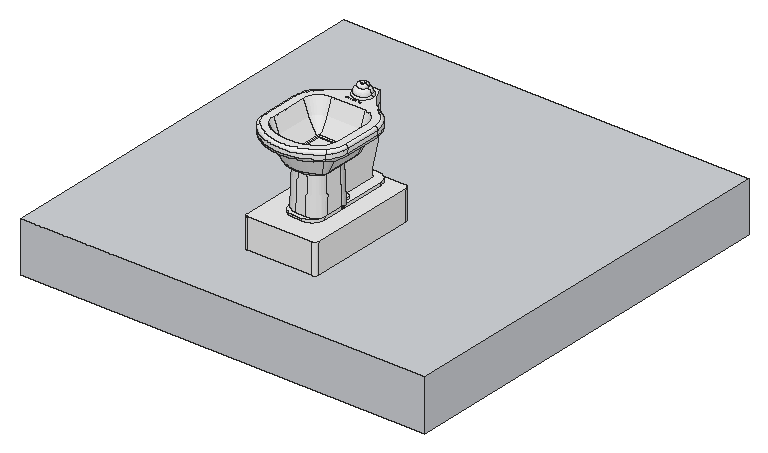
Revit family
Parameters (values of type "9504.999")
  Waste Connection = yes
  Vent Connection = no
  URL = "http://www.americanstandard-us.com/assets/documents/amstd/spec/SpecSheet_4954.pdf"
  Revised Date = "12/12/2011"
  Product URL = "http://www.americanstandard-us.com/products/productDetail.aspx?id=4954"
  Phone # = "416-250-5656"
  Model = "9504.999"
  Material = Chrome Plated
  Manufacturer = "American Standard"
  HW Connection = no
  Designed By = "ATS BIM Team"
  Description = "'CLINIC SERVICE SINK', 28\" x 20\" (711mmx 508mm) vitreous china, mounted on floor base, flushing rim, syphon jet action, 1-1/2\" (38mm) top spud with S.S. bolt cover plates, 4\" (102mm) floor outlet. "
  Default Elevation = 0' - 0"
  CW Connection = yes
  Assembly Code = "D2010"
Reference planes (in)
  plane 1 "Center (Front/Back)": y = 0
  plane 2: z = 0
  plane 3 "Center (Left/Right)": x = 0
  plane 4: z = 7
  plane 5: z = 7.5
  plane 6: z = 25
  plane 7: x = 10
  plane 8: x = -4.25
  plane 9: x = 4.25
  plane 10: z = 7.5
  plane 11: y = -31
  plane 12: y = -8.3107
  plane 13: y = -3.25
  plane 14: x = 0.65979
Forms (in)
  Extrusion 1, solid
    sketch origin (0, 0, 0) x (1, 0, 0) y (0, 1, 0)
      loop
        line (-48, 48) -> (-48, -48) -> (48, -48) -> (48, 48) -> (-48, 48)
    from 0 to -12
  Extrusion 2, solid, material "Chrome Plated" <- "Material"
    sketch origin (0, -1.38067, 0) x (1, 0, 0) y (0, 1, 0)
      loop
        arc (-7.5, -1.86933) -> (-8.20711, -2.16222) -> (-8.5, -2.86933) r 1
        line (-8.5, -2.86933) -> (-8.5, -28.61933)
        arc (-8.5, -28.61933) -> (-8.20711, -29.32643) -> (-7.5, -29.61933) r 1
        line (-7.5, -29.61933) -> (7.5, -29.61933)
        arc (7.5, -29.61933) -> (8.20711, -29.32643) -> (8.5, -28.61933) r 1
        line (8.5, -28.61933) -> (8.5, -2.86933)
        arc (8.5, -2.86933) -> (8.20711, -2.16222) -> (7.5, -1.86933) r 1
        line (7.5, -1.86933) -> (-7.5, -1.86933)
    from 0 to 7
  Extrusion 3, solid, material "Chrome Plated" <- "Material"
    sketch origin (-1.5, -1.38067, 0) x (0, 1, 0) y (0, 0, 1)
      loop
        line (-1.86933, 22.66133) -> (-10.84032, 22.66133)
        arc (-10.84032, 22.66133) -> (-13.40915, 18.51706) -> (-17.6223, 16.06282) r 10.08239
        line (-17.6223, 16.06282) -> (-17.6223, 7.5) -> (-3.8483, 7.5)
        arc (-3.8483, 7.5) -> (-4.27349, 8.34603) -> (-4.15636, 9.28563) r 1.62913
        arc (-4.15636, 9.28563) -> (-2.4474, 14.54525) -> (-1.86933, 20.04525) r 26.45354
        line (-1.86933, 20.04525) -> (-1.86933, 22.66133)
    from 0 to 3
  Sweep 4, solid, material "Chrome Plated" <- "Material"
    path origin (0, -3.84339, 25.91933) x (1, 0, 0) y (0, 1, 0)
      loop
        line (3.99305, -4.71184) -> (-3.99305, -4.71184)
        arc (-3.99305, -4.71184) -> (-8.23569, -6.4692) -> (-9.99305, -10.71184) r 6
        line (-9.99305, -10.71184) -> (-9.99305, -19.50263)
        arc (-9.99305, -19.50263) -> (-9.53633, -21.79873) -> (-8.23569, -23.74527) r 6
        arc (-8.23569, -23.74527) -> (0, -27.15661) -> (8.23569, -23.74527) r 11.64703
        arc (8.23569, -23.74527) -> (9.53633, -21.79873) -> (9.99305, -19.50263) r 6
        line (9.99305, -19.50263) -> (9.99305, -10.71184)
        arc (9.99305, -10.71184) -> (8.23569, -6.4692) -> (3.99305, -4.71184) r 6
    profile origin (-3.99305, -8.55523, 25.91933) x (0, -1, 0) y (0, 0, 1)
      loop
        arc (0.66227, -0.91933) -> (0.19397, -1.11331) -> (0, -1.58161) r 0.66227
        line (0, -1.58161) -> (0, -2.59573)
        arc (0, -2.59573) -> (0.19397, -3.06403) -> (0.66227, -3.258) r 0.66227
        line (0.66227, -3.258) -> (2.06895, -3.258)
        arc (2.06895, -3.258) -> (3.19572, -5.80192) -> (4.57754, -8.21682) r 27.08285
        arc (4.57754, -8.21682) -> (5.15394, -8.73063) -> (5.91294, -8.87254) r 1.43907
        line (5.91294, -8.87254) -> (5.91294, -7.8701)
        arc (5.91294, -7.8701) -> (5.64621, -7.84029) -> (5.42583, -7.68711) r 0.5466
        arc (5.42583, -7.68711) -> (3.63748, -4.41402) -> (2.33427, -0.91933) r 26.08285
        line (2.33427, -0.91933) -> (0.66227, -0.91933)
  Blend 5, solid, material "Chrome Plated" <- "Material"
    base sketch origin (0, -1.00567, 0) x (1, 0, 0) y (0, 1, 0)
      loop
        line (-1.08011, -23.78028) -> (1.08011, -23.78028)
        arc (1.08011, -23.78028) -> (3.20143, -22.9016) -> (4.08011, -20.78028) r 3
        line (4.08011, -20.78028) -> (4.08011, -16.5875)
        arc (4.08011, -16.5875) -> (3.20143, -14.46618) -> (1.08011, -13.5875) r 3
        line (1.08011, -13.5875) -> (-1.08011, -13.5875)
        arc (-1.08011, -13.5875) -> (-3.20143, -14.46618) -> (-4.08011, -16.5875) r 3
        line (-4.08011, -16.5875) -> (-4.08011, -20.78028)
        arc (-4.08011, -20.78028) -> (-3.20143, -22.9016) -> (-1.08011, -23.78028) r 3
    top sketch origin (0, -1.00567, 0) x (1, 0, 0) y (0, 1, 0)
      loop
        line (-3.70511, -16.5875) -> (-3.70511, -20.83042)
        arc (-3.70511, -20.83042) -> (-2.93626, -22.68657) -> (-1.08011, -23.45542) r 2.625
        line (-1.08011, -23.45542) -> (1.08011, -23.45542)
        arc (1.08011, -23.45542) -> (2.93626, -22.68657) -> (3.70511, -20.83042) r 2.625
        line (3.70511, -20.83042) -> (3.70511, -16.5875)
        arc (3.70511, -16.5875) -> (2.93626, -14.73135) -> (1.08011, -13.9625) r 2.625
        line (1.08011, -13.9625) -> (-1.08011, -13.9625)
        arc (-1.08011, -13.9625) -> (-2.93626, -14.73135) -> (-3.70511, -16.5875) r 2.625
    from 7 to 17.04679
  Extrusion 6, solid, material "Chrome Plated" <- "Material"
    sketch origin (0, -1.38067, 17.04923) x (1, 0, 0) y (0, 1, 0)
      loop
        arc (-3.99305, -13.0875) -> (-4.05461, -13.113) -> (-4.08011, -13.17456) r 0.08706
        line (-4.08011, -13.17456) -> (-4.08011, -22.00125)
        arc (-4.08011, -22.00125) -> (0, -23.70638) -> (4.08011, -22.00125) r 5.73409
        line (4.08011, -22.00125) -> (4.08011, -13.17456)
        arc (4.08011, -13.17456) -> (4.05461, -13.113) -> (3.99305, -13.0875) r 0.08706
        line (3.99305, -13.0875) -> (0, -13.0875) -> (-3.99305, -13.0875)
    from 0 to 1
  Extrusion 7, void
    sketch origin (0, -1.38067, 0) x (0, 1, 0) y (0, 0, 1)
      loop
        line (-15.0662, 26.09994) -> (-15.0662, 17.59994) -> (-12.75237, 17.59994)
        arc (-12.75237, 17.59994) -> (-10.27678, 21.57565) -> (-9.0662, 26.09994) r 15.9081
        line (-9.0662, 26.09994) -> (-15.0662, 26.09994)
    from -1.83792 to 2.18442
  Extrusion 8, solid, material "Chrome Plated" <- "Material"
    sketch origin (0, -1.38067, 27.4375) x (1, 0, 0) y (0, 1, 0)
      loop
        arc (-1.5, -1.86933) -> (-3.62673, -5.55487) -> (-6.75, -8.44476) r 14.19858
        line (-6.75, -8.44476) -> (-6.75, -9.32439)
        arc (-6.75, -9.32439) -> (0, -7.74146) -> (6.75, -9.32439) r 15.1833
        line (6.75, -9.32439) -> (6.75, -8.44476)
        arc (6.75, -8.44476) -> (3.62673, -5.55487) -> (1.5, -1.86933) r 14.19858
        line (1.5, -1.86933) -> (-1.5, -1.86933)
    from -4.77617 to -2.4375
  Extrusion 9, solid, material "Chrome Plated" <- "Material"
    sketch origin (0, -1.38067, 0) x (1, 0, 0) y (0, 1, 0)
      loop
        line (-1.08011, -24.40528) -> (1.08011, -24.40528)
        arc (1.08011, -24.40528) -> (3.20143, -23.5266) -> (4.08011, -21.40528) r 3
        line (4.08011, -21.40528) -> (4.08011, -4.86933)
        arc (4.08011, -4.86933) -> (3.20143, -2.74801) -> (1.08011, -1.86933) r 3
        line (1.08011, -1.86933) -> (-1.08011, -1.86933)
        arc (-1.08011, -1.86933) -> (-3.20143, -2.74801) -> (-4.08011, -4.86933) r 3
        line (-4.08011, -4.86933) -> (-4.08011, -21.40528)
        arc (-4.08011, -21.40528) -> (-3.20143, -23.5266) -> (-1.08011, -24.40528) r 3
    from 7 to 7.5
  Revolve 10, solid, material "Chrome Plated" <- "Material"
    sketch origin (-2.5, -1.38067, 0) x (0, 1, 0) y (0, 0, 1)
      loop
        line (-13.24162, 8.25) -> (-13.5828, 8.25)
        arc (-13.5828, 8.25) -> (-13.80754, 8.11177) -> (-13.92398, 7.875) r 0.47544
        line (-13.92398, 7.875) -> (-13.92398, 7.5) -> (-13.24162, 7.5) -> (-13.24162, 8.25)
      axis (-13.24162, 8.25) -> (-13.24162, 7.5)
    angle from 0 to 360
  Revolve 11, solid, material "Chrome Plated" <- "Material"
    sketch origin (2.5, -1.38067, 0) x (0, 1, 0) y (0, 0, -1)
      loop
        line (-13.24162, -8.25) -> (-13.24162, -7.5) -> (-13.92398, -7.5) -> (-13.92398, -7.875)
        arc (-13.92398, -7.875) -> (-13.80754, -8.11177) -> (-13.5828, -8.25) r 0.47544
        line (-13.5828, -8.25) -> (-13.24162, -8.25)
      axis (-13.24162, -8.25) -> (-13.24162, -7.5)
    angle from 0 to 360
  Revolve 12, solid, material "Chrome Plated" <- "Material"
    sketch origin (0, -6.31854, -2.096) x (1, 0, 0) y (0, 0, 1)
      loop
        line (0, 27.096) -> (2.22606, 27.096)
        arc (2.22606, 27.096) -> (2.14315, 27.36204) -> (1.92379, 27.53387) r 0.46829
        arc (1.92379, 27.53387) -> (1.72147, 28.33799) -> (1.08997, 28.87534) r 1.36054
        arc (1.08997, 28.87534) -> (1.03479, 29.29449) -> (0.65979, 29.48971) r 0.45779
        line (0.65979, 29.48971) -> (0, 29.48971) -> (0, 27.096)
      axis (0, 29.48971) -> (0, 27.096)
    angle from 0 to 360
Cuts and joins
  joined: Sweep 4, Extrusion 8, Revolve 12
  Extrusion 7 cuts Extrusion 3
  joined: Extrusion 2, Extrusion 3, Extrusion 9, Revolve 10, Revolve 11
  joined: Blend 5, Extrusion 6
Dimensions and locks (in)
  aligned and locked: plane 2 to Extrusion 1
  aligned and locked: level to Extrusion 1
